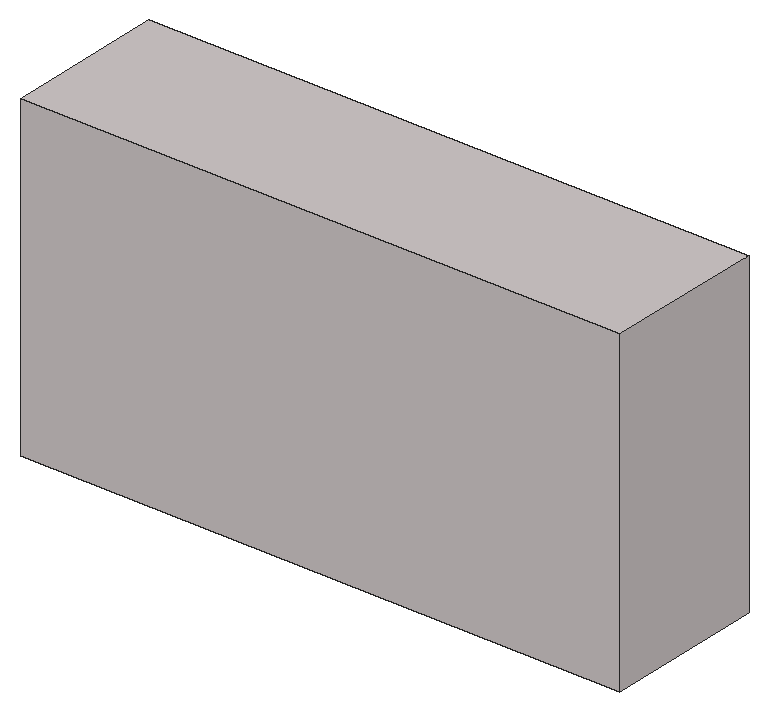
Revit family
Parameters (values of type "300 RB 600")
  Start Extension Calculation [instance] = 3012.5 mm + Start Extension  # 3000 mm
  Start Extension [instance] = -12.5 mm
  End Extension Calculation [instance] = 3012.5 mm + End Extension  # 3000 mm
  End Extension [instance] = -12.5 mm
  Beam Material [instance] = Concrete - Precast Concrete - 35 MPa
  Assembly Code = ""
  Length [instance] = 1524 mm
  b = 300 mm
  h = 600 mm
Types (3, lengths in mm): name | b | h
  (no name) | 300 | 600
  400 RB 800 | 400 | 800
  300 RB 600 | 300 | 600
Reference planes
  plane 1 "Center (Front/Back)": y = 0
  plane 2: z = 0
  plane 3 "Center (Left/Right)": x = 4.61
  plane 4 "Member Left": x = -557.39
  plane 5 "Member Right": x = 566.61
  plane 6: y = 150
  plane 7: y = -150
  plane 8: z = 300
  plane 9 "Bottom": z = -300
  plane 10 "Left": x = -757.39
  plane 11 "Right": x = 766.61
  plane 12: x = -557.39
  plane 13: x = 566.61
  plane 14: x = 2442.61
  plane 15: x = -2433.39
Forms (mm)
  Sweep 1, solid, material "Concrete - Precast Concrete - 35 MPa" <- "Beam Material"
    path origin (0, 0, 0) x (1, 0, 0) y (0, 1, 0)
      loop
        line (566.61, 0) -> (-557.39, 0)
    profile "M_Rectangular Beam-Profile : M_Rectangular Beam-Profile" origin (4.61, 0, 0) x (0, -1, 0) y (0, 0, 1)
      loop
        line (-150, -300) -> (150, -300) -> (150, 300) -> (-150, 300) -> (-150, -300)
Dimensions and locks
  "b": plane 6 to plane 7
  equal spacing: plane 9 "Bottom", plane 2, plane 8
  equal spacing: plane 6, plane 1 "Center (Front/Back)", plane 7
  "h": plane 9 "Bottom" to plane 8
  "Length": plane 10 "Left" to plane 11 "Right"
  locked: plane 4 "Member Left" to plane 14 at 3000
  locked: plane 15 to plane 5 "Member Right" at 3000
  "End Extension Calculation": plane 15 to plane 13
  "Start Extension Calculation": plane 12 to plane 14
  aligned and locked: Sweep 1 sketch curve to plane 1 "Center (Front/Back)"
  aligned and locked: plane 12 to Sweep 1 sketch curve
  aligned and locked: plane 13 to Sweep 1 sketch curve
